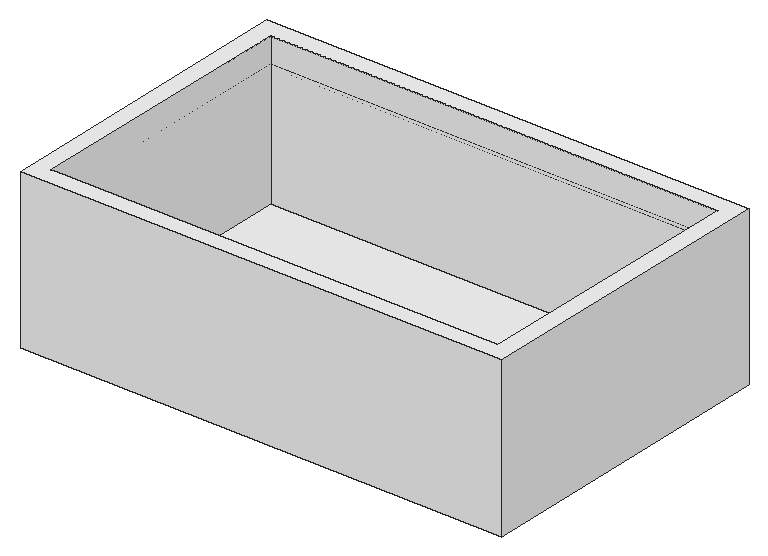
Revit family "Domotics-DomesticRanges-GEWISS-CHORUS_BOX_WALLMOUNTING_WHITE", category Apparecchi elettrici, host Superficie, Revit 2016
Family settings
  Host = Superficie
  Mantenere orientamento annotazione = No
  Tipo di parte = Normale
  Quota connettore circolare = Usa diametro
  Taglio con vuoti quando caricato = No
  Condiviso = No
  Punto di calcolo locali = No
Parameters (values of type "GW16744 - Wall box for one plates, it st 4g white")
  Version file RFA = "18.0"
  URL = "https://www.gewiss.com/ww/en"
  Torque screws tightening = "0,8NM"
  Thermo-pressure with ball = "70 °C"
  Technical sheet = "https://www.gewiss.com/ww/en/search?q=GW16744"
  Support = "GW16804"
  Suitable for plates = "ONE"
  Standard; = "EN 60670-1"
  Standard = "EN 60670-1"
  SEO = "Box"
  Realized by GEWISS S.p.A. = ""
  Default Elevation = 1219.2 mm
  Produttore = "GEWISS S.p.A."
  Outer dim. LxHxD (mm) = "140x90x46"
  Modello = "GW16744"
  Material = "Technopolymer"
  Lunghezza = 140.2 mm
  Larghezza = 89.9 mm
  Installation temperature = "-5 +60 °C"
  Immagine tipo = GW16744.jpg
  IDT = "decae319-9c56-41c2-a4b3-251a3618b259"
  IDF = "ea796d29-e1cf-482e-94f0-11c935b1ec80"
  Glow wire test: = "650 °C"
  Glow Wire Test = "650 °C"
  Electrocod = "0212"
  EAN code = "8011564279339"
  Distanza frutto [instance] = 7.291 mm
  Descrizione = "WALL BOX FOR ONE PLATES, IT ST 4G WHITE"
  Description: = "4 gang"
  Colour = "White"
  Characteristics = "Halogen free"
  Catalogue Range = "CHORUS - BOXES"
  Catalogue = "DOMOTICS"
  COBie.Tagnumber = ""
  COBie.CreatedOn = ""
  COBie.CreatebBy = ""
  COBie.ComponentRegisterItemID = ""
  COBie.Component.TagNumber = ""
  COBie.Component.Space = ""
  COBie.Component.SerialNumber = ""
  COBie.Component.InstallationDate = ""
  COBie.Component.Description = ""
  COBie.Component.BarCode = ""
  Altezza = 46 mm
Types (3, lengths in mm): name | URL | Technical sheet | Support | Produttore | Outer dim. LxHxD (mm) | Modello | Lunghezza | Immagine tipo | IDT | EAN code | Descrizione | Description:
  (no name) | 0 | "" | "" | "GEWISS" | "" | "GW16744" | 140.2 | GW16744.jpg | "" | "" | "SCAT.PARETE PL.ST.IT.ONE 4P BIANCO" | ""
  GW16744 - Wall box for one plates, it st 4g white | "https://www.gewiss.com/ww/en" | "https://www.gewiss.com/ww/en/search?q=GW16744" | "GW16804" | "GEWISS S.p.A." | "140x90x46" | "GW16744" | 140.2 | GW16744.jpg | "decae319-9c56-41c2-a4b3-251a3618b259" | "8011564279339" | "WALL BOX FOR ONE PLATES, IT ST 4G WHITE" | "4 gang"
  GW16743 - Wall box for one plates, it st 3g white | "https://www.gewiss.com/ww/en" | "https://www.gewiss.com/ww/en/search?q=GW16743" | "GW16803" | "GEWISS S.p.A." | "118x90x46" | "GW16743" | 118 | GW16743.jpg | "af243e9d-fdbe-4861-ae1c-76179adf993b" | "8011564278080" | "WALL BOX FOR ONE PLATES, IT ST 3G WHITE" | "3 gang"
Values of the unnamed type that differ from the named types
  Version file RFA = ""
  Torque screws tightening = ""
  Thermo-pressure with ball = ""
  Suitable for plates = ""
  Standard; = ""
  Standard = ""
  SEO = ""
  Material = ""
  Installation temperature = ""
  IDF = ""
  Glow wire test: = ""
  Glow Wire Test = ""
  Electrocod = ""
  Colour = ""
  Characteristics = ""
  Catalogue Range = ""
  Catalogue = ""
Reference planes
  plane 1 "Centro (Fronte/Retro)": y = 0
  plane 2: z = 0
  plane 3 "Centro (Sinistra/Destra)": x = 0
  plane 4: x = -70.1
  plane 5: x = 70.1
  plane 6: y = 44.95
  plane 7: y = -44.95
  plane 8: x = -65.1
  plane 9: y = -39.95
  plane 10: x = 65.1
  plane 11: y = 39.95
  plane 12: z = 46
  plane 13: z = 2
  plane 14 "Piano frutto": z = 38.709
  plane 15: z = 37.709
Forms (mm)
  Extrusion 1, solid, material "GEWISS - BIANCO"
    sketch origin (0, 0, 0) x (1, 0, 0) y (0, 1, 0)
      loop
        line (-70.1, 44.95) -> (-70.1, -44.95) -> (70.1, -44.95) -> (70.1, 44.95) -> (-70.1, 44.95)
      loop
        line (-65.1, 39.95) -> (-65.1, -39.95) -> (65.1, -39.95) -> (65.1, 39.95) -> (-65.1, 39.95)
    from 0 to 46
  Extrusion 2, solid, material "GEWISS - BIANCO"
    sketch origin (0, 0, 0) x (1, 0, 0) y (0, 1, 0)
      loop
        line (-70.1, 44.95) -> (-70.1, -44.95) -> (70.1, -44.95) -> (70.1, 44.95) -> (-70.1, 44.95)
    from 0 to 2
  Extrusion 3, solid, material "sup_trasparente"
    sketch origin (0, 0, 38.709) x (0, -1, 0) y (1, 0, 0)
      loop
        line (-39.95, -65.1) -> (39.95, -65.1) -> (39.95, 65.1) -> (-39.95, 65.1) -> (-39.95, -65.1)
    from -1 to 0
Cuts and joins
  joined: Extrusion 1, Extrusion 2
Lines and regions (mm)
  model lines, style "InvisibleLines"
    curve 1: line (-65.1, 0, 38.709) -> (65.1, 0, 38.709)
Dimensions and locks
  equal spacing: plane 4, plane 3 "Centro (Sinistra/Destra)", plane 5
  "Lunghezza": plane 4 to plane 5
  equal spacing: plane 6, plane 1 "Centro (Fronte/Retro)", plane 7
  "Larghezza": plane 6 to plane 7
  locked: plane 4 to plane 8 at 5
  locked: plane 10 to plane 5 at 5
  locked: plane 6 to plane 11 at 5
  locked: plane 9 to plane 7 at 5
  "Altezza": plane 12 to host face
  locked: host face to plane 13 at 2
  "Distanza frutto": plane 12 to plane 14 "Piano frutto"
  locked: plane 14 "Piano frutto" to plane 15 at 1
  aligned and locked: plane 2 to host face
  aligned and locked: level to host face
  aligned and locked: Extrusion 1 sketch curve to plane 6
  aligned and locked: plane 4 to Extrusion 1 sketch curve
  aligned and locked: plane 7 to Extrusion 1 sketch curve
  aligned and locked: Extrusion 1 sketch curve to plane 5
  aligned and locked: Extrusion 1 sketch curve to plane 11
  aligned and locked: plane 8 to Extrusion 1 sketch curve
  aligned and locked: plane 9 to Extrusion 1 sketch curve
  aligned and locked: plane 10 to Extrusion 1 sketch curve
  aligned and locked: plane 12 to Extrusion 1
  aligned and locked: Extrusion 1 to level
  aligned and locked: Extrusion 2 sketch curve to Extrusion 1  (x4)
  aligned and locked: Extrusion 2 to host face
  aligned and locked: Extrusion 2 to plane 13
  aligned and locked: cut or joined group of Extrusion 1, Extrusion 2 to curve 1  (x2)
  aligned and locked: Extrusion 3 sketch curve to cut or joined group of Extrusion 1, Extrusion 2  (x3)
Automatic sketch dimensions
  host sketch curve to host sketch curve = 2438.4 mm  (x2)
  plane 1 "Centro (Fronte/Retro)" to curve 1 = 0 mm
  Extrusion 3 sketch curve to plane 11 = 0 mm
